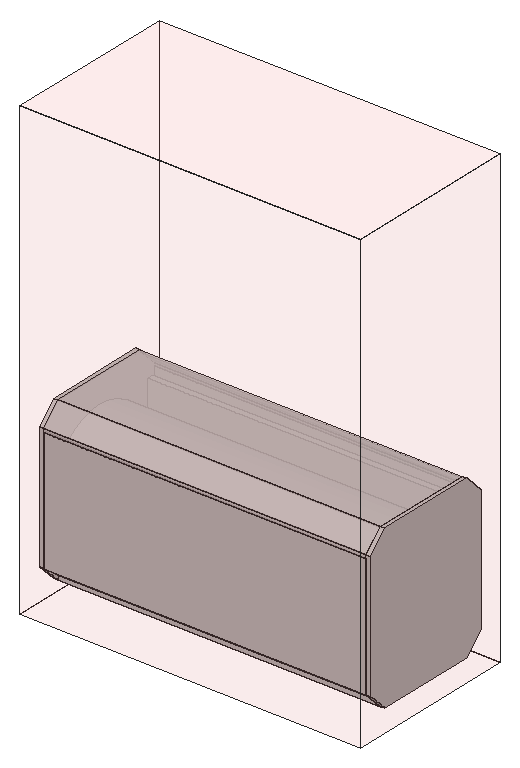
Revit family "Air-Curtain_Specialty_PoweredAire_LDC-Corrosive", category Mechanical Equipment, host Face, Revit 2022
Family settings
  Host = Face
  Round Connector Dimension = Use Diameter
  Part Type = Normal
  OmniClass Number = 23.75.35.17.21
  OmniClass Title = Air Curtains
  Cut with Voids When Loaded = No
  Maintain Annotation Orientation = No
  Shared = No
  Room Calculation Point = No
Parameters
  Warranty Duration (Years) = 0
  Unit Width Notes = "Other Widths available."  # constant formula
  Unit Width = 3' - 0"
  Unit Weight = 0
  Unit Height = 1' - 3"
  Unit Depth = 1' - 5 1/2"
  URL = "http://www.poweredaire.com/"
  Test Data = ""
  Standards Conformance = "as Specified"
  Specification = "http://www.arcat.com/sdspecs/htm04/23_34_33pai.htm"
  SpecWizard = ""
  Sound Pressure = "as Specified"
  Sales Information = "http://www.poweredaire.com/contact_us"
  Revision = "R1_2016-08"
  Projection from Host [instance] = 0' - 2"
  Product Properties = ""
  Product Data = "http://www.arcat.com/arcatcos/cos47/arc47623.html"
  Power Rating = 0 W
  Nozzle Width = if(1 = 1, Unit Width - 0' 1", 0' 0")  # 2' - 11"
  Mounting Width = if(1 = 1, Unit Width - 0' 0 15/16", 0' 0")  # 2' - 11 1/16"
  Mounting Height [instance] = 3' - 6"
  Motor RPM = 0
  Motor HP = 0
  Motor Count = 0
  Model = "As Specified"
  Max Height = 0' - 0"
  Manufacturer Website = "http://www.poweredaire.com/"
  Manufacturer Phone - Toll Free = "888-321-2473"
  Manufacturer Phone = "724-588-3305"
  Manufacturer Fax = "724-588-3371"
  Manufacturer Address = "109 Mortensen Rd.  Greenville, PA 16125"
  Manufacturer = "Powered Aire, Inc"
  Maintenance Schedule (Months) = 0
  Keynote = "23 34 33"
  Installation-Fabrication = ""
  Installation Phase = ""
  Include Clearance [instance] = yes
  Heating Element Load = 0 W
  HVAC_Temperature Rise = 0 °F
  HVAC_Outlet Volume = 0 CFM
  HVAC_Outlet Velocity Uniformity = 0
  HVAC_Outlet Velocity = 0 FPM
  Green Building-LEED = "http://www.arcat.com/green/clients/leed_data_47623.html"
  Front Grating Material [instance] = Metal - Steel - PoweredAire - Stainless 316 Perforated
  Frame Finish [instance] = Metal - Steel - PoweredAire - Stainless 316
  Expected Lifespan (Years) = 0
  Electrical_Wattage [instance] = Power Rating + Heating Element Load  # 0 W
  Electrical_Voltage [instance] = 0 V
  Electrical_Phase [instance] = 1
  Electrical_Frequency [instance] = 0 Hz
  Electrical_Amperage [instance] = 0 A
  Drawn By = "Sumex Design, Inc. / Robert S. Weygant, CSI, CDT, SCIP"
  Description = "Powered Aire Air Curtain as Specified"
  Default Elevation = 0' - 0"  # constant formula
  Copyright = "©Arcat Inc."
  Construction Details = "http://www.arcat.com/details/powair/prod3336.html"
  Clearance_Top [instance] = 0' - 2"
  Clearance_Side B [instance] = 0' - 0 1/2"
  Clearance_Side A [instance] = 0' - 0 1/2"
  Clearance_Intake [instance] = 2' - 6"
  Clearance_Bottom [instance] = 0' - 2"
  Clearance Material [instance] = ARCAT Clearance
  Building Codes = ""
  Available Options [instance] = "as Specified"
  Assembly Code = "D3090400"
Reference planes (in)
  plane 1 "Center (Elevation)": y = 0.13818
  plane 2: z = 0
  plane 3 "Center (Left/Right)": x = 0
  plane 4: y = 7.63818
  plane 5: y = -7.36182
  plane 6: x = -18
  plane 7: x = 18
  plane 8: z = 19.5
  plane 9 "FF": y = -41.86182
  plane 10: z = 2
  plane 11: x = 17.5
  plane 12: x = -17.5
  plane 13: y = 9.63818
  plane 14: y = -9.36182
  plane 15: x = -18.5
  plane 16: x = 18.5
  plane 17: z = 49.5
Forms (in)
  Extrusion 1, solid, material "Metal - Steel - PoweredAire - Stainless 316" <- "Frame Finish"
    sketch origin (0, 0, 0) x (0, 1, 0) y (0, 0, 1)
      loop
        line (5.69363, 2) -> (7.63818, 3.94454) -> (7.63818, 17.55546) -> (5.69363, 19.5) -> (-5.41728, 19.5) -> (-7.36182, 17.55546) -> (-7.36182, 3.94454) -> (-5.41728, 2) -> (5.69363, 2)
    from 17.5 to 18
  Extrusion 2, solid, material "Metal - Steel - PoweredAire - Stainless 316" <- "Frame Finish"
    sketch origin (0, 0, -0.5) x (0, 1, 0) y (0, 0, 1)
      loop
        circle (0.13818, 10.9739) r 6.25
      loop
        line (6.63818, 16.89427) -> (6.63818, 5.87829) -> (7.33849, 5.87829) -> (7.33849, 16.89427) -> (6.63818, 16.89427)
      loop
        line (-7.02798, 16.76927) -> (-7.02798, 5.75329) -> (-6.36182, 5.75329) -> (-6.36182, 16.76927) -> (-7.02798, 16.76927)
    from -17.5 to 17.5
  Extrusion 3, solid, material "Metal - Steel - PoweredAire - Stainless 316" <- "Frame Finish"
    sketch origin (0, 0, 0) x (0, 1, 0) y (0, 0, -1)
      loop
        line (5.69363, -2) -> (-5.41728, -2) -> (-7.36182, -3.94454) -> (-7.36182, -17.55546) -> (-5.41728, -19.5) -> (5.69363, -19.5) -> (7.63818, -17.55546) -> (7.63818, -3.94454) -> (5.69363, -2)
    from 17.5 to 18
  Extrusion 4, solid, material "Metal - Steel - PoweredAire - Stainless 316" <- "Frame Finish"
    sketch origin (0, 0, 0) x (0, 1, 0) y (0, 0, 1)
      loop
        line (-5.41728, 2) -> (5.69363, 2) -> (7.63818, 3.94454) -> (7.63818, 17.19454) -> (7.51318, 17.19454) -> (7.51318, 3.99632) -> (5.64186, 2.125) -> (-5.29228, 2.125) -> (-5.29228, 4.06954) -> (-7.23682, 4.06954) -> (-7.23682, 17.19454) -> (-7.36182, 17.19454) -> (-7.36182, 3.94454) -> (-5.41728, 3.94454) -> (-5.41728, 2)
      loop
        line (-6.64819, 3.61034) -> (-5.8702, 2.83235) -> (-5.74472, 2.95783) -> (-6.52271, 3.73583) -> (-6.64819, 3.61034)
    from -17.5 to 17.5
  Extrusion 5, solid, material "Metal - Steel - PoweredAire - Stainless 316 Perforated" <- "Front Grating Material"
    sketch origin (0, 0, 0) x (0, 1, 0) y (0, 0, 1)
      loop
        line (-7.36182, 17.19454) -> (-7.23682, 17.19454) -> (-7.23682, 17.50368) -> (-5.3655, 19.375) -> (5.64186, 19.375) -> (7.51318, 17.50368) -> (7.51318, 17.19454) -> (7.63818, 17.19454) -> (7.63818, 17.55546) -> (5.69363, 19.5) -> (-5.41728, 19.5) -> (-7.36182, 17.55546) -> (-7.36182, 17.19454)
    from -17.5 to 17.5
  Extrusion 6, solid, material "ARCAT Clearance" <- "Clearance Material", visible <- "Include Clearance"
    sketch origin (0, 0, 0) x (0, 1, 0) y (0, 0, 1)
      loop
        line (-9.36182, 49.5) -> (-9.36182, 0) -> (9.63818, 0) -> (9.63818, 49.5) -> (-9.36182, 49.5)
    from -18.5 to 18.5
Dimensions and locks (in)
  equal spacing: plane 4, plane 1 "Center (Elevation)", plane 5
  "Unit Height": plane 4 to plane 5
  equal spacing: plane 6, plane 3 "Center (Left/Right)", plane 7
  "Unit Width": plane 6 to plane 7
  "Mounting Height": plane 1 "Center (Elevation)" to plane 9 "FF"
  "Projection from Host": plane 10 to level
  "Unit Depth": plane 8 to plane 10
  locked: plane 6 to plane 12 at 0.5
  locked: plane 11 to plane 7 at 0.5
  "Clearance_Side A": plane 7 to plane 16
  "Clearance_Side B": plane 15 to plane 6
  "Clearance_Top": plane 13 to plane 4
  "Clearance_Bottom": plane 5 to plane 14
  "Clearance_Intake": plane 17 to plane 8
  aligned and locked: plane 2 to host face
  aligned and locked: level to host face
  aligned and locked: plane 7 to Extrusion 1
  aligned and locked: Extrusion 1 to plane 11
  aligned and locked: plane 12 to Extrusion 3
  aligned and locked: Extrusion 3 to plane 6
  aligned and locked: Extrusion 2 to plane 12
  aligned and locked: plane 11 to Extrusion 2
  aligned and locked: plane 11 to Extrusion 4
  aligned and locked: Extrusion 4 to plane 12
  aligned and locked: plane 11 to Extrusion 5
  aligned and locked: Extrusion 5 to plane 12
  aligned and locked: Extrusion 6 sketch curve to plane 17
  aligned and locked: plane 14 to Extrusion 6 sketch curve
  aligned and locked: level to Extrusion 6 sketch curve
  aligned and locked: Extrusion 6 sketch curve to plane 13
  aligned and locked: plane 16 to Extrusion 6
  aligned and locked: Extrusion 6 to plane 15
Automatic sketch dimensions
  host sketch curve to host sketch curve = 8' - 0"  (x2)
  Extrusion 1 sketch curve to plane 5 = 0' - 0"
  Extrusion 1 sketch curve to plane 8 = 0' - 0"
  Extrusion 1 sketch curve to plane 10 = 0' - 0"
  Extrusion 1 sketch curve to plane 4 = 0' - 0"
  plane 5 to Extrusion 1 sketch curve = 0' - 1.94454"  (x2)
  Extrusion 1 sketch curve to plane 4 = 0' - 1.94454"  (x2)
  plane 10 to Extrusion 1 sketch curve = 0' - 1.94454"  (x2)
  Extrusion 1 sketch curve to plane 8 = 0' - 1.94454"  (x2)
  Extrusion 2 sketch curve to plane 1 "Center (Elevation)" = 0' - 0"
  plane 5 to Extrusion 2 sketch curve = 0' - 1"
  plane 5 to Extrusion 2 sketch curve = 0' - 0.33384"
  Extrusion 2 sketch curve to plane 4 = 0' - 1"
  Extrusion 2 sketch curve to plane 4 = 0' - 0.29969"
  plane 10 to Extrusion 2 sketch curve = 0' - 3.37829"
  plane 10 to Extrusion 2 sketch curve = 0' - 3.25329"
  Extrusion 2 sketch curve to plane 8 = 0' - 9.0261"
  Extrusion 2 sketch curve to plane 8 = 0' - 3.23073"
  Extrusion 2 sketch curve to plane 8 = 0' - 3.10573"
  Extrusion 3 sketch curve to plane 5 = 0' - 0"
  Extrusion 3 sketch curve to plane 8 = 0' - 0"
  Extrusion 3 sketch curve to plane 10 = 0' - 0"
  Extrusion 3 sketch curve to plane 4 = 0' - 0"
  plane 5 to Extrusion 3 sketch curve = 0' - 1.94454"  (x2)
  Extrusion 3 sketch curve to plane 4 = 0' - 1.94454"  (x2)
  Extrusion 3 sketch curve to plane 8 = 0' - 1.94454"  (x2)
  plane 10 to Extrusion 3 sketch curve = 0' - 1.94454"  (x2)
  Extrusion 4 sketch curve to plane 5 = 0' - 0"
  Extrusion 4 sketch curve to plane 10 = 0' - 0"
  Extrusion 4 sketch curve to plane 4 = 0' - 0"
  plane 5 to Extrusion 4 sketch curve = 0' - 0 1/8"
  plane 5 to Extrusion 4 sketch curve = 0' - 0.71363"
  Extrusion 4 sketch curve to Extrusion 4 sketch curve = 0' - 0.12548"  (x2)
  Extrusion 4 sketch curve to Extrusion 4 sketch curve = 0' - 0.778"
  Extrusion 4 sketch curve to Extrusion 4 sketch curve = 0' - 0.32744"
  Extrusion 4 sketch curve to Extrusion 4 sketch curve = 0' - 0 1/8"  (x2)
  plane 10 to Extrusion 4 sketch curve = 0' - 0 1/8"
  Extrusion 4 sketch curve to plane 4 = 0' - 1.99632"
  Extrusion 4 sketch curve to Extrusion 4 sketch curve = 0' - 0.05178"  (x2)
  plane 10 to Extrusion 4 sketch curve = 0' - 0.83235"
  plane 10 to Extrusion 4 sketch curve = 0' - 1.94454"
  Extrusion 4 sketch curve to Extrusion 4 sketch curve = 0' - 0.3342"
  Extrusion 4 sketch curve to plane 4 = 0' - 0 1/8"
  Extrusion 4 sketch curve to plane 8 = 0' - 2.30546"  (x2)
  Extrusion 5 sketch curve to plane 5 = 0' - 0"
  Extrusion 5 sketch curve to plane 8 = 0' - 0"
  Extrusion 5 sketch curve to plane 4 = 0' - 0"
  plane 5 to Extrusion 5 sketch curve = 0' - 0 1/8"
  plane 5 to Extrusion 5 sketch curve = 0' - 1.94454"
  Extrusion 5 sketch curve to plane 8 = 0' - 0 1/8"
  Extrusion 5 sketch curve to Extrusion 5 sketch curve = 0' - 0.05178"  (x4)
  Extrusion 5 sketch curve to plane 4 = 0' - 1.99632"
  Extrusion 5 sketch curve to plane 8 = 0' - 1.94454"  (x2)
  Extrusion 5 sketch curve to Extrusion 5 sketch curve = 0' - 0 1/8"
  Extrusion 5 sketch curve to Extrusion 5 sketch curve = 0' - 0.30914"  (x2)
  radius of Extrusion 2 sketch curve = 0' - 6 1/4"
Connectors (in)
  electrical at (0, 7.63818, 10.56954), driven by "Electrical_Phase", driven by "Electrical_Voltage"
    settings: on Extrusion 4, index 1, voltage 0 V, apparent load 0 VA, apparent load phase1 0 VA, apparent load phase2 0 VA, apparent load phase3 0 VA, power factor 1, load classification "Motor", number of poles 1, system type 31, power factor state 1, is connector primary yes, connector utility no, sub classification motor no, connector description ""
